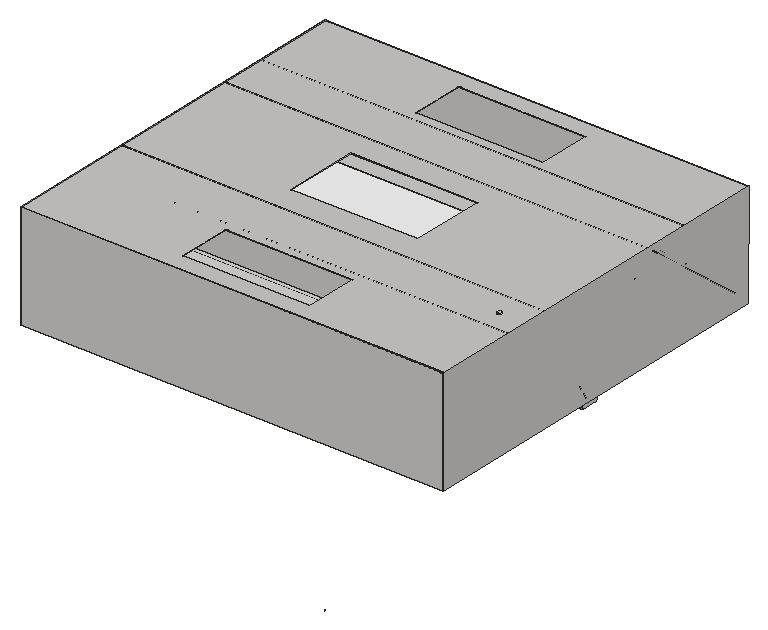
Revit family "QF_ELECTROLUXPROFESSIONAL_640234_STCF1820", category Attrezzature speciali, Revit 2021
Family settings
  Quota connettore circolare = Usa diametro
  Tipo di parte = Normale
  Basato su piano di lavoro = No
  Sempre verticale = Sì
  Taglio con vuoti quando caricato = No
  Condiviso = No
  Punto di calcolo locali = No
Parameters (values of type "Standard")
  Weight = 162.00 kg
  Watts = 320 W
  Volts = 220 V
  URL Manufacturer = "https://www.electroluxprofessional.com/"
  URL = "https://www.electroluxprofessional.com/"
  Steam Supply Size = 0 mm
  Steam Supply Minimum Pressure = 0.0 Pa
  Steam Supply Maximum Pressure = 0.0 Pa
  Steam Consumption per Hour = 0
  Refrigeration Suction Line Size = 0 mm
  Refrigeration Liquid Line Size = 0 mm
  Refrigerant Compressor Remote = yes
  Prospetto di default = 0 mm
  Produttore = "Electrolux Professional"
  Phase = 1
  Modello = "STCF1820"
  Length Actual = 2000 mm  # constant formula
  Item Number = "640234"
  Hot Water Size = 0 mm
  Height Actual = 500 mm  # constant formula
  HP = "0.4 HP"
  Gas Size = 0 mm
  Gas KW = 0
  Gas Input Pressure = 0 W
  Direct Waste Size = 0 mm
  Descrizione = "304 S/S ISLAND HOOD+FILT.+LAMPS 200X180"
  Depth Actual = 1800 mm  # constant formula
  Cycle = 50 Hz
  Condensate Return Size = 0 mm
  Compressed Air Volume = 0.0 L/s
  Compressed Air Size = 0 mm
  Compressed Air Pressure = 0.0 Pa
  Cold Water Size = 0 mm
  Accessory = yes
Reference planes
  plane 1: z = 0
  plane 2 "Center (Left/Right)": x = 150
  plane 3 "LEFT": x = -850
  plane 4 "RIGHT": x = 1150
  plane 5 "BACK": y = 550
  plane 6 "TOP": z = 2500
  plane 7 "Base": z = 2000
  plane 8: z = 1955
  plane 9: x = -847
  plane 10 "DrainX": x = 1030
  plane 11 "AOLeft2": x = 450
  plane 12: x = 1147
  plane 13: x = -650
  plane 14: x = 950
  plane 15 "Center (Front/Back)": y = -350
  plane 16 "Front": y = -1250
  plane 17 "AOLeft1": x = -150
  plane 18 "EI_y": y = -770
  plane 19 "EIx": x = 1030
  plane 20: y = 464
  plane 21: y = 214
  plane 22: y = -1164
  plane 23: y = -914
  plane 24: y = -175
  plane 25: y = -525
Forms (mm)
  Extrusion 1, solid, material "QF_Finishes_Stainless Steel"
    sketch origin (-850, 0, 360) x (0, 1, 0) y (0, 0, 1)
      loop
        line (550, 1640) -> (550, 2140) -> (-1250, 2140) -> (-1250, 1640) -> (550, 1640)
    from 0 to 3
  Extrusion 2, solid, material "QF_Finishes_Stainless Steel"
    sketch origin (1150, 0, 360) x (0, 1, 0) y (0, 0, 1)
      loop
        line (550, 1640) -> (550, 2140) -> (-1250, 2140) -> (-1250, 1640) -> (550, 1640)
    from 0 to -3
  Extrusion 3, solid, material "QF_Finishes_Stainless Steel"
    sketch origin (150, 0, 360) x (0, 1, 0) y (0, 0, 1)
      loop
        line (-1250, 2140) -> (-1250, 1640) -> (-1240, 1640) -> (-1240, 1640.8) -> (-1249.2, 1640.8) -> (-1249.2, 2139.19) -> (549.2, 2139.19) -> (549.2, 1640.8) -> (540, 1640.8) -> (540, 1640) -> (550, 1640) -> (550, 2140) -> (-1250, 2140)
    from -1000 to 1000
  Extrusion 4, solid, material "QF_Finishes_Stainless Steel"
    sketch origin (0, -840, 2000) x (0, 1, 0) y (-1, 0, 0)
      loop
        circle (490, -1030) r 4.763
    from -30 to 0
  Extrusion 5, void
    sketch origin (0, 0, 2500) x (0, 1, 0) y (-1, 0, 0)
      loop
        line (-1164, -450) -> (-914, -450) -> (-914, 150) -> (-1164, 150) -> (-1164, -450)
    from 0 to -10
  Extrusion 6, solid, material "QF_Finishes_Stainless Steel"
    sketch origin (0, 0, 0) x (1, 0, 0) y (0, 1, 0)
      loop
        line (-850, 550) -> (-850, 549) -> (-849, 549) -> (-849, 550) -> (-850, 550)
    from 0 to 1
  Sweep 7, solid, material "QF_Finishes_Stainless Steel"
    path origin (0, 0, 0) x (1, 0, 0) y (0, 1, 0)
      loop
        line (1150, 550) -> (-850, 550) -> (-850, -1250) -> (1150, -1250) -> (1150, 550)
    profile origin (1150, -350, 0) x (1, 0, 0) y (0, 0, 1)
      loop
        line (-3, 2000) -> (-3, 2000.8) -> (-19, 2000.8) -> (-19, 2010) -> (-20, 2010) -> (-20, 2000) -> (-3, 2000)
  Extrusion 8, solid, material "QF_Finishes_Stainless Steel"
    sketch origin (150, -826.94, 0) x (0, 1, 0) y (0, 0, 1)
      loop
        line (414.66, 2095.469) -> (440.643, 2110.471) -> (261.744, 2411.771) -> (235.948, 2396.455) -> (414.66, 2095.469)
    from -997 to -800
  Extrusion 9, solid, material "QF_Finishes_Stainless Steel"
    sketch origin (1030, -840, 0) x (0, 1, 0) y (0, 0, 1)
      loop
        line (539, 2000) -> (441, 2000) -> (441, 1989) -> (448.5, 1989) -> (448.5, 1965)
        arc (448.5, 1965) -> (451.429, 1957.929) -> (458.5, 1955) r 10
        line (458.5, 1955) -> (521.5, 1955)
        arc (521.5, 1955) -> (528.571, 1957.929) -> (531.5, 1965) r 10
        line (531.5, 1965) -> (531.5, 1989) -> (539, 1989) -> (539, 2000)
    from 90 to -90
  Extrusion 10, solid, material "QF_Finishes_Stainless Steel"
    sketch origin (150, -826.94, 0) x (0, 1, 0) y (0, 0, 1)
      loop
        line (414.66, 2095.469) -> (440.643, 2110.471) -> (261.744, 2411.771) -> (235.948, 2396.455) -> (414.66, 2095.469)
    from 800 to 997
  Extrusion 11, solid, material "QF_Finished_Chrome"
    sketch origin (150, -826.94, 0) x (0, 1, 0) y (0, 0, 1)
      loop
        line (414.66, 2095.469) -> (440.643, 2110.471) -> (261.744, 2411.771) -> (235.948, 2396.455) -> (414.66, 2095.469)
    from -800 to 800
  Extrusion 12, void
    sketch origin (0, 1180, 2500) x (0, 1, 0) y (-1, 0, 0)
      loop
        line (-1355, -450) -> (-1355, 150) -> (-1705, 150) -> (-1705, -450) -> (-1355, -450)
    from 0 to -10
  Extrusion 13, solid, material "QF_Finishes_Stainless Steel"
    sketch origin (0, 0, 2500) x (0, 1, 0) y (-1, 0, 0)
      loop
        circle (-770, -1030) r 10
    from 0 to 1.6
  Extrusion 14, solid, material "QF_Finishes_Stainless Steel"
    sketch origin (150, -826.94, 360) x (0, 1, 0) y (0, 0, 1)
      loop
        line (430.005, 1640) -> (476.94, 1640) -> (476.94, 1640.8) -> (430.467, 1640.8) -> (371.906, 1742.23) -> (414.858, 1734.657) -> (442.266, 1750.481) -> (442.266, 1765.943) -> (441.466, 1765.943) -> (441.466, 1750.943) -> (414.709, 1735.495) -> (321.153, 1751.991) -> (320.875, 1750.416) -> (371.4, 1741.507) -> (430.005, 1640)
      loop
        line (172.529, 2139.19) -> (242.893, 2017.316) -> (245.133, 2018.715) -> (240.13, 2027.381) -> (238.569, 2026.405) -> (173.453, 2139.19) -> (172.529, 2139.19)
    from -997 to 997
  Extrusion 15, solid, material "QF_LAMPS"
    sketch origin (150, 0, 360) x (0, 1, 0) y (0, 0, 1)
      loop
        line (-872.823, 1962.324) -> (-718.948, 2086.929) -> (-727.129, 2097.032) -> (-881.003, 1972.426) -> (-872.823, 1962.324)
    from 997 to -997
  Extrusion 16, solid, material "QF_Finishes_Stainless Steel"
    sketch origin (150, 0, 360) x (0, 1, 0) y (0, 0, 1)
      loop
        line (-1250, 2139.19) -> (-1250, 1640) -> (-1186.602, 1640) -> (-1099.146, 1690.493) -> (-1110.058, 1709.394) -> (-1166.564, 1676.77) -> (-1214.704, 1680.982) -> (-1249.2, 1730.248) -> (-1249.2, 2139.19) -> (-1250, 2139.19)
      loop
        line (-873.6, 1961.694) -> (-881.937, 1971.99) -> (-869.095, 1982.182) -> (-869.095, 2139.19) -> (-869.895, 2139.19) -> (-869.895, 1982.569) -> (-1182.298, 1734.63) -> (-1171.091, 1720.79) -> (-873.6, 1961.694)
      loop
        line (-727.61, 2099.216) -> (-718.171, 2087.559) -> (-654.411, 2139.19) -> (-655.682, 2139.19) -> (-718.052, 2088.684) -> (-726.989, 2099.719) -> (-727.61, 2099.216)
    from -997 to 997
  Extrusion 17, solid, material "QF_Finishes_Stainless Steel"
    sketch origin (150, 126.94, 360) x (0, -1, 0) y (0, 0, -1)
      loop
        line (430.005, -1640) -> (371.4, -1741.507) -> (320.875, -1750.416) -> (321.153, -1751.991) -> (414.709, -1735.495) -> (441.466, -1750.943) -> (441.466, -1765.943) -> (442.266, -1765.943) -> (442.266, -1750.481) -> (414.858, -1734.657) -> (371.906, -1742.23) -> (430.467, -1640.8) -> (476.94, -1640.8) -> (476.94, -1640) -> (430.005, -1640)
      loop
        line (172.529, -2139.19) -> (173.453, -2139.19) -> (238.569, -2026.405) -> (240.13, -2027.381) -> (245.133, -2018.715) -> (242.893, -2017.316) -> (172.529, -2139.19)
    from -997 to 997
  Extrusion 18, solid, material "QF_LAMPS"
    sketch origin (150, -700, 360) x (0, -1, 0) y (0, 0, -1)
      loop
        line (-872.823, -1962.324) -> (-881.003, -1972.426) -> (-727.129, -2097.032) -> (-718.948, -2086.929) -> (-872.823, -1962.324)
    from 997 to -997
  Extrusion 19, solid, material "QF_Finishes_Stainless Steel"
    sketch origin (150, -700, 360) x (0, -1, 0) y (0, 0, -1)
      loop
        line (-1250, -2139.19) -> (-1249.2, -2139.19) -> (-1249.2, -1730.248) -> (-1214.704, -1680.982) -> (-1166.564, -1676.77) -> (-1110.058, -1709.394) -> (-1099.146, -1690.493) -> (-1186.602, -1640) -> (-1250, -1640) -> (-1250, -2139.19)
      loop
        line (-873.6, -1961.694) -> (-1171.091, -1720.79) -> (-1182.298, -1734.63) -> (-869.895, -1982.569) -> (-869.895, -2139.19) -> (-869.095, -2139.19) -> (-869.095, -1982.182) -> (-881.937, -1971.99) -> (-873.6, -1961.694)
      loop
        line (-727.61, -2099.216) -> (-726.989, -2099.719) -> (-718.052, -2088.684) -> (-655.682, -2139.19) -> (-654.411, -2139.19) -> (-718.171, -2087.559) -> (-727.61, -2099.216)
    from -997 to 997
  Extrusion 20, solid, material "QF_Finishes_Stainless Steel"
    sketch origin (150, 126.94, 0) x (0, -1, 0) y (0, 0, -1)
      loop
        line (414.66, -2095.469) -> (235.948, -2396.455) -> (261.744, -2411.771) -> (440.643, -2110.471) -> (414.66, -2095.469)
    from -997 to -800
  Extrusion 21, solid, material "QF_Finishes_Stainless Steel"
    sketch origin (150, 126.94, 0) x (0, -1, 0) y (0, 0, -1)
      loop
        line (414.66, -2095.469) -> (235.948, -2396.455) -> (261.744, -2411.771) -> (440.643, -2110.471) -> (414.66, -2095.469)
    from 800 to 997
  Extrusion 22, solid, material "QF_Finished_Chrome"
    sketch origin (150, 126.94, 0) x (0, -1, 0) y (0, 0, -1)
      loop
        line (414.66, -2095.469) -> (235.948, -2396.455) -> (261.744, -2411.771) -> (440.643, -2110.471) -> (414.66, -2095.469)
    from -800 to 800
  Extrusion 23, void
    sketch origin (0, 814, 2500) x (0, 1, 0) y (-1, 0, 0)
      loop
        line (-600, -450) -> (-350, -450) -> (-350, 150) -> (-600, 150) -> (-600, -450)
    from 0 to -10
Cuts and joins
  Extrusion 5, Extrusion 12, Extrusion 23 cuts Extrusion 3
  joined: Extrusion 2, Extrusion 3, Sweep 7
Lines and regions (mm)
  symbolic lines, style "SpecialityEquipment", detail levels coarse
    curve 1: line (1150, 550, 2500) -> (-850, 550, 2500)
    curve 2: line (-850, 550, 2500) -> (-850, -1250, 2500)
    curve 3: line (1150, -1250, 2500) -> (1150, 550, 2500)
    curve 4: line (-850, 550, 0) -> (1150, -1250, 0)
    curve 5: line (1150, 550, 0) -> (-850, -1250, 0)
    curve 6: line (-850, -1250, 0) -> (1150, -1250, 0)
  symbolic lines, detail levels coarse
    curve 7: line (-150, 464, 2500) -> (450, 464, 2500)
    curve 8: line (-150, 214, 2500) -> (-150, 464, 2500)
    curve 9: line (450, 214, 2500) -> (-150, 214, 2500)
    curve 10: line (450, 464, 2500) -> (450, 214, 2500)
    curve 11: line (-150, -175, 2500) -> (450, -175, 2500)
    curve 12: line (-150, -525, 2500) -> (-150, -175, 2500)
    curve 13: line (450, -525, 2500) -> (-150, -525, 2500)
    curve 14: line (450, -175, 2500) -> (450, -525, 2500)
    curve 15: line (-150, -914, 2500) -> (450, -914, 2500)
    curve 16: line (-150, -1164, 2500) -> (-150, -914, 2500)
    curve 17: line (450, -1164, 2500) -> (-150, -1164, 2500)
    curve 18: line (450, -914, 2500) -> (450, -1164, 2500)
Dimensions and locks
  plane 3 "LEFT" to plane 4 "RIGHT" = 2000 mm
  equal spacing: plane 3 "LEFT", plane 2 "Center (Left/Right)", plane 4 "RIGHT"
  plane 7 "Base" to plane 8 = 45 mm
  plane 3 "LEFT" to plane 9 = 3 mm
  plane 10 "DrainX" to plane 4 "RIGHT" = 120 mm
  plane 12 to plane 4 "RIGHT" = 3 mm
  plane 3 "LEFT" to plane 13 = 200 mm
  plane 14 to plane 4 "RIGHT" = 200 mm
  locked: plane 7 "Base" to level at 2000
  locked: plane 6 "TOP" to plane 7 "Base" at 500
  equal spacing: plane 5 "BACK", plane 15 "Center (Front/Back)", plane 16 "Front"
  locked: plane 18 "EI_y" to plane 16 "Front" at 480
  locked: plane 19 "EIx" to plane 4 "RIGHT" at 120
  locked: plane 5 "BACK" to plane 20 at 86
  plane 20 to plane 21 = 250 mm
  locked: plane 22 to plane 16 "Front" at 86
  locked: plane 22 to plane 23 at 250
  plane 24 to plane 15 "Center (Front/Back)" = 175 mm
  plane 15 "Center (Front/Back)" to plane 25 = 175 mm
  locked: plane 5 "BACK" to plane 16 "Front" at 1800
  plane 5 "BACK" to plane 16 "Front" = 1800 mm
  plane 24 to plane 25 = 350 mm
  equal spacing: plane 17 "AOLeft1", plane 2 "Center (Left/Right)", plane 11 "AOLeft2"
  locked: plane 17 "AOLeft1" to plane 11 "AOLeft2" at 600
  aligned and locked: level to plane 1
  aligned and locked: plane 4 "RIGHT" to Extrusion 3
  aligned and locked: Extrusion 3 to plane 3 "LEFT"
  aligned and locked: Extrusion 2 to plane 12
  aligned and locked: Extrusion 8 to plane 9
  aligned and locked: plane 17 "AOLeft1" to Extrusion 5
  aligned and locked: Extrusion 5 to plane 11 "AOLeft2"
  aligned and locked: Extrusion 8 to plane 13
  aligned and locked: plane 14 to Extrusion 10
  aligned and locked: plane 12 to Extrusion 10
  aligned and locked: plane 13 to Extrusion 11
  aligned and locked: Extrusion 11 to plane 14
  aligned and locked: Extrusion 12 to plane 17 "AOLeft1"
  aligned and locked: Extrusion 12 to plane 11 "AOLeft2"
  aligned and locked: Extrusion 14 to plane 9
  aligned and locked: plane 12 to Extrusion 14
  aligned and locked: Extrusion 22 to plane 13
  aligned and locked: Extrusion 22 to plane 14
  aligned and locked: plane 22 to Extrusion 5
  aligned and locked: Extrusion 5 to plane 23
  aligned and locked: Extrusion 23 to plane 17 "AOLeft1"
  aligned and locked: Extrusion 23 to plane 11 "AOLeft2"
  aligned and locked: plane 24 to Extrusion 12
  aligned and locked: Extrusion 12 to plane 25
  aligned and locked: plane 20 to Extrusion 23
  aligned and locked: Extrusion 23 to plane 21
  aligned and locked: Extrusion 19 to plane 9
  aligned and locked: Extrusion 18 to plane 9
  aligned and locked: Extrusion 17 to plane 9
  aligned and locked: plane 9 to Extrusion 20
  aligned and locked: Extrusion 16 to plane 9
  aligned and locked: Extrusion 15 to plane 9
  aligned and locked: plane 12 to Extrusion 19
  aligned and locked: plane 12 to Extrusion 18
  aligned and locked: plane 12 to Extrusion 17
  aligned and locked: Extrusion 21 to plane 12
  aligned and locked: plane 12 to Extrusion 15
  aligned and locked: Extrusion 16 to plane 12
  aligned and locked: Extrusion 20 to plane 13
  aligned and locked: plane 14 to Extrusion 21
Automatic sketch dimensions
  curve 6 to plane 3 "LEFT" = 0 mm
  curve 4 to plane 3 "LEFT" = 0 mm
  curve 5 to plane 4 "RIGHT" = 0 mm
  curve 6 to plane 4 "RIGHT" = 0 mm
  curve 4 to plane 16 "Front" = 0 mm
  curve 5 to plane 5 "BACK" = 0 mm
  curve 4 to plane 5 "BACK" = 0 mm
  Extrusion 1 sketch curve to plane 7 "Base" = 0 mm
  Extrusion 1 sketch curve to plane 16 "Front" = 0 mm
  Extrusion 1 sketch curve to plane 5 "BACK" = 0 mm
  Extrusion 1 sketch curve to plane 6 "TOP" = 0 mm
  Extrusion 2 sketch curve to plane 7 "Base" = 0 mm
  Extrusion 2 sketch curve to plane 16 "Front" = 0 mm
  Extrusion 2 sketch curve to plane 5 "BACK" = 0 mm
  Extrusion 2 sketch curve to plane 6 "TOP" = 0 mm
  Extrusion 3 sketch curve to plane 6 "TOP" = 0 mm
  Extrusion 3 sketch curve to plane 16 "Front" = 0 mm
  Extrusion 3 sketch curve to plane 7 "Base" = 0 mm  (x2)
  Extrusion 3 sketch curve to plane 5 "BACK" = 0 mm
  plane 16 "Front" to Extrusion 3 sketch curve = 0.8 mm
  Extrusion 3 sketch curve to Extrusion 3 sketch curve = 9.2 mm
  plane 7 "Base" to Extrusion 3 sketch curve = 0.8 mm  (x2)
  Extrusion 3 sketch curve to plane 5 "BACK" = 10 mm
  Extrusion 3 sketch curve to plane 5 "BACK" = 0.8 mm
  Extrusion 3 sketch curve to plane 6 "TOP" = 0.81 mm
  Extrusion 4 sketch curve to plane 10 "DrainX" = 0 mm
  Extrusion 4 sketch curve to plane 15 "Center (Front/Back)" = 0 mm
  Extrusion 5 sketch curve to plane 17 "AOLeft1" = 0 mm
  plane 22 to Extrusion 5 sketch curve = 0 mm
  Extrusion 5 sketch curve to plane 11 "AOLeft2" = 0 mm
  plane 23 to Extrusion 5 sketch curve = 0 mm
  Extrusion 6 sketch curve to plane 3 "LEFT" = 0 mm
  Extrusion 6 sketch curve to plane 5 "BACK" = 0 mm
  plane 3 "LEFT" to Extrusion 6 sketch curve = 1 mm
  Extrusion 6 sketch curve to Extrusion 6 sketch curve = 1 mm
  Sweep 7 sketch curve to plane 3 "LEFT" = 0 mm
  Sweep 7 sketch curve to plane 4 "RIGHT" = 0 mm
  Sweep 7 sketch curve to plane 16 "Front" = 0 mm
  Sweep 7 sketch curve to plane 5 "BACK" = 0 mm
  profile plane to Sweep 7 sketch curve = 20 mm
  Sweep 7 sketch curve to Sweep 7 sketch curve = 1 mm
  profile plane to Sweep 7 sketch curve = 3 mm
  level to Sweep 7 sketch curve = 2000 mm
  Sweep 7 sketch curve to Sweep 7 sketch curve = 0.8 mm
  Sweep 7 sketch curve to Sweep 7 sketch curve = 9.2 mm
  Extrusion 8 sketch curve to plane 25 = 65.992 mm
  Extrusion 8 sketch curve to Extrusion 8 sketch curve = 25.795 mm
  Extrusion 8 sketch curve to plane 15 "Center (Front/Back)" = 62.28 mm
  Extrusion 8 sketch curve to Extrusion 8 sketch curve = 25.983 mm
  plane 7 "Base" to Extrusion 8 sketch curve = 95.469 mm
  Extrusion 8 sketch curve to Extrusion 8 sketch curve = 15.001 mm
  Extrusion 8 sketch curve to plane 6 "TOP" = 103.545 mm
  Extrusion 8 sketch curve to Extrusion 8 sketch curve = 15.316 mm
  Extrusion 9 sketch curve to plane 8 = 0 mm
  Extrusion 9 sketch curve to plane 7 "Base" = 11 mm  (x2)
  Extrusion 9 sketch curve to plane 15 "Center (Front/Back)" = 49 mm
  Extrusion 9 sketch curve to Extrusion 9 sketch curve = 7.5 mm  (x2)
  Extrusion 9 sketch curve to Extrusion 9 sketch curve = 10 mm  (x2)
  plane 15 "Center (Front/Back)" to Extrusion 9 sketch curve = 31.5 mm
  plane 7 "Base" to Extrusion 9 sketch curve = 0 mm
  Extrusion 10 sketch curve to plane 25 = 65.992 mm
  Extrusion 10 sketch curve to Extrusion 10 sketch curve = 25.795 mm
  Extrusion 10 sketch curve to plane 15 "Center (Front/Back)" = 62.28 mm
  Extrusion 10 sketch curve to Extrusion 10 sketch curve = 25.983 mm
  plane 7 "Base" to Extrusion 10 sketch curve = 95.469 mm
  Extrusion 10 sketch curve to Extrusion 10 sketch curve = 15.001 mm
  Extrusion 10 sketch curve to plane 6 "TOP" = 103.545 mm
  Extrusion 10 sketch curve to Extrusion 10 sketch curve = 15.316 mm
  Extrusion 11 sketch curve to plane 25 = 65.992 mm
  Extrusion 11 sketch curve to Extrusion 11 sketch curve = 25.795 mm
  Extrusion 11 sketch curve to plane 15 "Center (Front/Back)" = 62.28 mm
  Extrusion 11 sketch curve to Extrusion 11 sketch curve = 25.983 mm
  plane 7 "Base" to Extrusion 11 sketch curve = 95.469 mm
  Extrusion 11 sketch curve to Extrusion 11 sketch curve = 15.001 mm
  Extrusion 11 sketch curve to plane 6 "TOP" = 103.545 mm
  Extrusion 11 sketch curve to Extrusion 11 sketch curve = 15.316 mm
  Extrusion 12 sketch curve to plane 11 "AOLeft2" = 0 mm
  Extrusion 12 sketch curve to plane 21 = 739 mm
  Extrusion 12 sketch curve to plane 20 = 639 mm
  Extrusion 12 sketch curve to plane 17 "AOLeft1" = 0 mm
  Extrusion 13 sketch curve to plane 18 "EI_y" = 0 mm
  Extrusion 13 sketch curve to plane 19 "EIx" = 0 mm
  Extrusion 14 sketch curve to plane 7 "Base" = 0 mm
  Extrusion 14 sketch curve to plane 6 "TOP" = 0.81 mm
  plane 18 "EI_y" to Extrusion 14 sketch curve = 115.589 mm
  Extrusion 14 sketch curve to Extrusion 14 sketch curve = 0.924 mm
  Extrusion 14 sketch curve to plane 25 = 63.371 mm
  Extrusion 14 sketch curve to Extrusion 14 sketch curve = 1.561 mm
  Extrusion 14 sketch curve to Extrusion 14 sketch curve = 4.324 mm
  Extrusion 14 sketch curve to Extrusion 14 sketch curve = 2.24 mm
  plane 25 to Extrusion 14 sketch curve = 18.935 mm
  Extrusion 14 sketch curve to Extrusion 14 sketch curve = 0.278 mm
  Extrusion 14 sketch curve to Extrusion 14 sketch curve = 50.525 mm
  Extrusion 14 sketch curve to Extrusion 14 sketch curve = 0.506 mm
  Extrusion 14 sketch curve to Extrusion 14 sketch curve = 42.803 mm
  Extrusion 14 sketch curve to Extrusion 14 sketch curve = 0.148 mm
  Extrusion 14 sketch curve to plane 15 "Center (Front/Back)" = 46.935 mm
  plane 7 "Base" to Extrusion 14 sketch curve = 0.8 mm
  Extrusion 14 sketch curve to Extrusion 14 sketch curve = 0.462 mm  (x2)
  Extrusion 14 sketch curve to Extrusion 14 sketch curve = 46.473 mm
  Extrusion 14 sketch curve to plane 15 "Center (Front/Back)" = 35.474 mm
  Extrusion 14 sketch curve to Extrusion 14 sketch curve = 0.8 mm
  plane 7 "Base" to Extrusion 14 sketch curve = 94.657 mm
  Extrusion 14 sketch curve to Extrusion 14 sketch curve = 0.838 mm
  Extrusion 14 sketch curve to Extrusion 14 sketch curve = 6.012 mm
  Extrusion 14 sketch curve to Extrusion 14 sketch curve = 0.723 mm
  Extrusion 14 sketch curve to Extrusion 14 sketch curve = 14.986 mm
  Extrusion 14 sketch curve to Extrusion 14 sketch curve = 15 mm
  Extrusion 14 sketch curve to plane 6 "TOP" = 122.684 mm
  Extrusion 14 sketch curve to Extrusion 14 sketch curve = 1.399 mm
  Extrusion 14 sketch curve to Extrusion 14 sketch curve = 9.089 mm
  Extrusion 14 sketch curve to Extrusion 14 sketch curve = 0.975 mm
  Extrusion 15 sketch curve to plane 23 = 32.997 mm
  Extrusion 15 sketch curve to Extrusion 15 sketch curve = 8.181 mm  (x2)
  plane 18 "EI_y" to Extrusion 15 sketch curve = 42.871 mm
  Extrusion 15 sketch curve to plane 6 "TOP" = 177.676 mm
  Extrusion 15 sketch curve to Extrusion 15 sketch curve = 10.102 mm
  Extrusion 15 sketch curve to plane 6 "TOP" = 53.071 mm
  Extrusion 15 sketch curve to Extrusion 15 sketch curve = 10.103 mm
  Extrusion 16 sketch curve to plane 7 "Base" = 0 mm
  Extrusion 16 sketch curve to plane 16 "Front" = 0 mm
  Extrusion 16 sketch curve to Extrusion 16 sketch curve = 0.8 mm  (x2)
  plane 16 "Front" to Extrusion 16 sketch curve = 35.296 mm
  plane 22 to Extrusion 16 sketch curve = 22.602 mm
  plane 22 to Extrusion 16 sketch curve = 18.298 mm
  plane 22 to Extrusion 16 sketch curve = 7.091 mm
  plane 22 to Extrusion 16 sketch curve = 2.564 mm
  Extrusion 16 sketch curve to plane 22 = 53.942 mm
  Extrusion 16 sketch curve to Extrusion 16 sketch curve = 10.912 mm
  Extrusion 16 sketch curve to plane 23 = 32.063 mm
  Extrusion 16 sketch curve to Extrusion 16 sketch curve = 8.337 mm
  Extrusion 16 sketch curve to Extrusion 16 sketch curve = 12.042 mm
  plane 18 "EI_y" to Extrusion 16 sketch curve = 42.39 mm
  Extrusion 16 sketch curve to Extrusion 16 sketch curve = 0.622 mm
  Extrusion 16 sketch curve to Extrusion 16 sketch curve = 9.44 mm
  Extrusion 16 sketch curve to Extrusion 16 sketch curve = 0.118 mm
  Extrusion 16 sketch curve to plane 6 "TOP" = 0.81 mm  (x3)
  Extrusion 16 sketch curve to Extrusion 16 sketch curve = 62.37 mm
  Extrusion 16 sketch curve to Extrusion 16 sketch curve = 1.271 mm
  plane 7 "Base" to Extrusion 16 sketch curve = 36.77 mm
  plane 7 "Base" to Extrusion 16 sketch curve = 40.982 mm
  plane 7 "Base" to Extrusion 16 sketch curve = 50.493 mm
  Extrusion 16 sketch curve to Extrusion 16 sketch curve = 18.901 mm
  Extrusion 16 sketch curve to Extrusion 16 sketch curve = 44.02 mm
  Extrusion 16 sketch curve to Extrusion 16 sketch curve = 49.266 mm
  Extrusion 16 sketch curve to Extrusion 16 sketch curve = 13.84 mm
  Extrusion 16 sketch curve to plane 6 "TOP" = 178.306 mm
  Extrusion 16 sketch curve to Extrusion 16 sketch curve = 10.296 mm
  Extrusion 16 sketch curve to Extrusion 16 sketch curve = 10.192 mm
  Extrusion 16 sketch curve to Extrusion 16 sketch curve = 0.386 mm
  Extrusion 16 sketch curve to plane 6 "TOP" = 52.441 mm
  Extrusion 16 sketch curve to Extrusion 16 sketch curve = 1.125 mm
  Extrusion 17 sketch curve to plane 7 "Base" = 0 mm
  plane 6 "TOP" to Extrusion 17 sketch curve = 0.81 mm
  Extrusion 17 sketch curve to plane 24 = 129.411 mm
  Extrusion 17 sketch curve to Extrusion 17 sketch curve = 0.924 mm
  Extrusion 17 sketch curve to plane 24 = 63.371 mm
  Extrusion 17 sketch curve to Extrusion 17 sketch curve = 1.561 mm
  Extrusion 17 sketch curve to Extrusion 17 sketch curve = 4.324 mm
  Extrusion 17 sketch curve to Extrusion 17 sketch curve = 2.24 mm
  plane 24 to Extrusion 17 sketch curve = 18.935 mm
  Extrusion 17 sketch curve to Extrusion 17 sketch curve = 0.278 mm
  Extrusion 17 sketch curve to Extrusion 17 sketch curve = 50.525 mm
  Extrusion 17 sketch curve to Extrusion 17 sketch curve = 0.506 mm
  Extrusion 17 sketch curve to Extrusion 17 sketch curve = 42.803 mm
  Extrusion 17 sketch curve to Extrusion 17 sketch curve = 0.148 mm
  Extrusion 17 sketch curve to plane 15 "Center (Front/Back)" = 46.935 mm
  Extrusion 17 sketch curve to plane 7 "Base" = 0.8 mm
  Extrusion 17 sketch curve to Extrusion 17 sketch curve = 0.462 mm  (x2)
  Extrusion 17 sketch curve to Extrusion 17 sketch curve = 46.473 mm
  Extrusion 17 sketch curve to plane 15 "Center (Front/Back)" = 35.474 mm
  Extrusion 17 sketch curve to Extrusion 17 sketch curve = 0.8 mm
  Extrusion 17 sketch curve to plane 7 "Base" = 94.657 mm
  Extrusion 17 sketch curve to Extrusion 17 sketch curve = 0.838 mm
  Extrusion 17 sketch curve to Extrusion 17 sketch curve = 6.012 mm
  Extrusion 17 sketch curve to Extrusion 17 sketch curve = 0.723 mm
  Extrusion 17 sketch curve to Extrusion 17 sketch curve = 14.986 mm
  Extrusion 17 sketch curve to Extrusion 17 sketch curve = 15 mm
  plane 6 "TOP" to Extrusion 17 sketch curve = 122.684 mm
  Extrusion 17 sketch curve to Extrusion 17 sketch curve = 1.399 mm
  Extrusion 17 sketch curve to Extrusion 17 sketch curve = 9.089 mm
  Extrusion 17 sketch curve to Extrusion 17 sketch curve = 0.975 mm
  plane 21 to Extrusion 18 sketch curve = 32.997 mm
  Extrusion 18 sketch curve to Extrusion 18 sketch curve = 8.181 mm  (x2)
  plane 6 "TOP" to Extrusion 18 sketch curve = 42.968 mm
  plane 21 to Extrusion 18 sketch curve = 186.871 mm
  plane 6 "TOP" to Extrusion 18 sketch curve = 53.071 mm
  plane 6 "TOP" to Extrusion 18 sketch curve = 167.574 mm
  Extrusion 18 sketch curve to Extrusion 18 sketch curve = 10.102 mm
  Extrusion 19 sketch curve to plane 5 "BACK" = 0 mm
  Extrusion 19 sketch curve to plane 7 "Base" = 0 mm
  Extrusion 19 sketch curve to Extrusion 19 sketch curve = 0.8 mm  (x2)
  plane 5 "BACK" to Extrusion 19 sketch curve = 35.296 mm
  Extrusion 19 sketch curve to plane 20 = 22.602 mm
  Extrusion 19 sketch curve to plane 20 = 18.298 mm
  Extrusion 19 sketch curve to plane 20 = 7.091 mm
  Extrusion 19 sketch curve to plane 20 = 2.564 mm
  plane 20 to Extrusion 19 sketch curve = 53.942 mm
  Extrusion 19 sketch curve to Extrusion 19 sketch curve = 10.912 mm
  plane 21 to Extrusion 19 sketch curve = 32.063 mm
  Extrusion 19 sketch curve to Extrusion 19 sketch curve = 8.337 mm
  Extrusion 19 sketch curve to Extrusion 19 sketch curve = 12.042 mm
  plane 6 "TOP" to Extrusion 19 sketch curve = 40.784 mm
  Extrusion 19 sketch curve to Extrusion 19 sketch curve = 141.485 mm
  plane 6 "TOP" to Extrusion 19 sketch curve = 40.281 mm
  Extrusion 19 sketch curve to Extrusion 19 sketch curve = 0.622 mm
  plane 6 "TOP" to Extrusion 19 sketch curve = 52.441 mm
  plane 6 "TOP" to Extrusion 19 sketch curve = 51.316 mm
  plane 6 "TOP" to Extrusion 19 sketch curve = 0.81 mm  (x3)
  Extrusion 19 sketch curve to Extrusion 19 sketch curve = 62.37 mm
  Extrusion 19 sketch curve to Extrusion 19 sketch curve = 1.271 mm
  Extrusion 19 sketch curve to plane 7 "Base" = 36.77 mm
  Extrusion 19 sketch curve to plane 7 "Base" = 40.982 mm
  Extrusion 19 sketch curve to plane 7 "Base" = 50.493 mm
  Extrusion 19 sketch curve to Extrusion 19 sketch curve = 18.901 mm
  Extrusion 19 sketch curve to Extrusion 19 sketch curve = 44.02 mm
  Extrusion 19 sketch curve to Extrusion 19 sketch curve = 49.266 mm
  Extrusion 19 sketch curve to Extrusion 19 sketch curve = 13.84 mm
  plane 6 "TOP" to Extrusion 19 sketch curve = 178.306 mm
  Extrusion 19 sketch curve to Extrusion 19 sketch curve = 10.296 mm
  Extrusion 19 sketch curve to Extrusion 19 sketch curve = 10.192 mm
  Extrusion 19 sketch curve to Extrusion 19 sketch curve = 0.386 mm
  Extrusion 20 sketch curve to plane 24 = 65.992 mm
  Extrusion 20 sketch curve to Extrusion 20 sketch curve = 25.795 mm
  Extrusion 20 sketch curve to plane 15 "Center (Front/Back)" = 62.28 mm
  Extrusion 20 sketch curve to Extrusion 20 sketch curve = 25.983 mm
  Extrusion 20 sketch curve to plane 7 "Base" = 95.469 mm
  Extrusion 20 sketch curve to Extrusion 20 sketch curve = 15.001 mm
  plane 6 "TOP" to Extrusion 20 sketch curve = 103.545 mm
  Extrusion 20 sketch curve to Extrusion 20 sketch curve = 15.316 mm
  Extrusion 21 sketch curve to plane 24 = 65.992 mm
  Extrusion 21 sketch curve to Extrusion 21 sketch curve = 25.795 mm
  Extrusion 21 sketch curve to plane 15 "Center (Front/Back)" = 62.28 mm
  Extrusion 21 sketch curve to Extrusion 21 sketch curve = 25.983 mm
  Extrusion 21 sketch curve to plane 7 "Base" = 95.469 mm
  Extrusion 21 sketch curve to Extrusion 21 sketch curve = 15.001 mm
  plane 6 "TOP" to Extrusion 21 sketch curve = 103.545 mm
  Extrusion 21 sketch curve to Extrusion 21 sketch curve = 15.316 mm
  Extrusion 22 sketch curve to plane 24 = 65.992 mm
  Extrusion 22 sketch curve to Extrusion 22 sketch curve = 25.795 mm
  Extrusion 22 sketch curve to plane 15 "Center (Front/Back)" = 62.28 mm
  Extrusion 22 sketch curve to Extrusion 22 sketch curve = 25.983 mm
  Extrusion 22 sketch curve to plane 7 "Base" = 95.469 mm
  Extrusion 22 sketch curve to Extrusion 22 sketch curve = 15.001 mm
  plane 6 "TOP" to Extrusion 22 sketch curve = 103.545 mm
  Extrusion 22 sketch curve to Extrusion 22 sketch curve = 15.316 mm
  plane 15 "Center (Front/Back)" to Extrusion 23 sketch curve = 564 mm
  plane 11 "AOLeft2" to Extrusion 23 sketch curve = 0 mm
  plane 17 "AOLeft1" to Extrusion 23 sketch curve = 0 mm
  plane 24 to Extrusion 23 sketch curve = 639 mm
  curve 2 to plane 3 "LEFT" = 0 mm
  curve 2 to plane 16 "Front" = 0 mm
  curve 3 to plane 4 "RIGHT" = 0 mm
  curve 3 to plane 16 "Front" = 0 mm
  curve 17 to plane 17 "AOLeft1" = 0 mm
  plane 22 to curve 17 = 0 mm
  plane 23 to curve 16 = 0 mm
  curve 12 to plane 17 "AOLeft1" = 0 mm
  curve 12 to plane 25 = 0 mm
  curve 11 to plane 11 "AOLeft2" = 0 mm
  curve 11 to plane 24 = 0 mm
  curve 8 to plane 17 "AOLeft1" = 0 mm
  curve 8 to plane 21 = 0 mm
  curve 8 to plane 20 = 0 mm
  curve 2 to plane 5 "BACK" = 0 mm
  curve 15 to plane 11 "AOLeft2" = 0 mm
  curve 7 to plane 11 "AOLeft2" = 0 mm
  radius of Extrusion 4 sketch curve = 4.763 mm
  radius of Extrusion 13 sketch curve = 10 mm
Connectors
  piping at (1030, -350, 1970), diameter 9.5
    settings: on Extrusion 4, index 1, connector inside diameter 609.6 mm, connector length 0 mm, flow factor 0, pipe flow 0.0 L/s, pressure drop 0.0 Pa, fitting loss kfactor 0, connector angle 0.00°, fixture units 0, engagement length 0 mm, angle of deflection 0.00°, flow configuration 1, flow direction 2, fitting loss method 0, system type 16, joint type 0, gender type 0, connector reference index -1, connector utility 0, adjustable connector no, is connector primary yes, connector description "Drain"
  hvac at (150, -1039, 2500)
    settings: on Extrusion 5, index 2, duct flow 0.0 L/s, flow factor 0, pres drop 0.0 Pa, loss coef 0, conn angle 0.00°, conn width 250 mm, conn height 600 mm, conn diameter 609.6 mm, duct sys type 1, conn prof type 1, flow config 1, flow direction 1, loss method 0, conn ref index -1, conn util no, is conn primary yes, conn desc "AIR INLET"
  hvac at (150, -350, 2500)
    settings: on Extrusion 12, index 4, duct flow 0.0 L/s, flow factor 0, pres drop 0.0 Pa, loss coef 0, conn angle 0.00°, conn width 350 mm, conn height 600 mm, conn diameter 609.6 mm, duct sys type 3, conn prof type 1, flow config 1, flow direction 2, loss method 0, conn ref index -1, conn util no, is conn primary no, conn desc "EXHAUST OUTLET"
  electrical at (1030, -770, 2501.6), driven by "Volts"
    settings: on Extrusion 13, index 6, voltage 220 V, apparent load 0 VA, apparent load phase1 0 VA, apparent load phase2 0 VA, apparent load phase3 0 VA, power factor 1, load classification "Other", number of poles 1, system type 30, power factor state 1, is connector primary yes, connector utility no, sub classification motor no, connector description "Electrical Connection"
  hvac at (150, 339, 2500)
    settings: on Extrusion 23, index 7, duct flow 0.0 L/s, flow factor 0, pres drop 0.0 Pa, loss coef 0, conn angle 0.00°, conn width 250 mm, conn height 600 mm, conn diameter 609.6 mm, duct sys type 1, conn prof type 1, flow config 1, flow direction 1, loss method 0, conn ref index -1, conn util no, is conn primary no, conn desc "AIR INLET"
